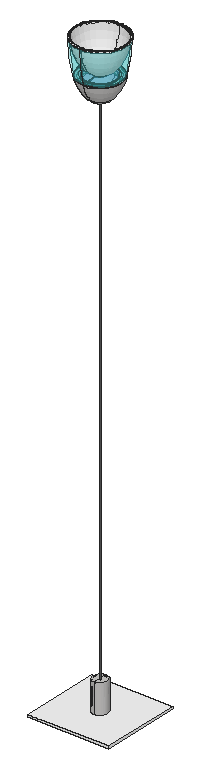
Revit family "BE_56566.2_de_DE", category Leuchten, Revit 2020
Family settings
  Basisbauteil = Fläche
  Bemaßung runder Anschluss = Durchmesser verwenden
  Teiletyp = Normal
  Beim Laden mit Abzugskörper schneiden = Ja
  Lichtquelle = Ja
  Gemeinsam genutzt = Nein
  Raumberechnungspunkt = Ja
Parameters (values of type "BEGA_56566.2_K3")
  built-in parameter 1150104 = 14.855 (stored number, unit not read)
  Wattage = 17.7 W
  Default Elevation = 0 mm
  built-in parameter 1150113 = 1 (stored number, unit not read)
  built-in parameter 1114218 = 1 (stored number, unit not read)
  Umgebungstemperatur = "25 °C"
  URL = "http://www.bega.de/de/produkt/56566.2"
  Typenkommentare = "© 2022 BEGA. Wir behalten uns das Recht vor, technische Änderungen ohne vorherige Ankündigung vorzunehmen."  # constant formula
  built-in parameter 1150134 = 12
  built-in parameter 1150109 = 1 (stored number, unit not read)
  Strom = ""
  built-in parameter 1150110 = 1 (stored number, unit not read)
  Spannung = 239.996 V
  Sonderanfertigung = no
  Seriennummer [instance] = "Hier können Sie die eindeutige Seriennummer für das Facility Management eintragen."
  Schutzklasse = "I"
  Schutzart = "IP 20"
  Scheinlast = 0 VA
  Produktdatenblatt = "http://www.bega.de/download/Xrfa/db/56566.2.db.de.pdf"
  Oberflächentemperatur = ""
  Neigungswinkel = 0.00°
  Model = "56566.2K4"
  Material_18 = BEGA_Gummi_schwarz
  Material_17 = BEGA_Reflektor
  Material_15 = BEGA_Leuchtmedium_matt
  Material_11 = BEGA_Glas_opal
  Material_10 = BEGA_Glas_matt
  Material_09 = BEGA_Glas_klar
  Material_06 = BEGA_Oberfläche_Edelstahl_gebürstet
  Material_05 = BEGA_Oberfläche_Aluminium Guss
  Material_03 = BEGA_Oberfläche_Weiss_matt
  Material_02 = BEGA_Oberfläche_Silber_matt
  Material_01 [instance] = BEGA_Oberfläche_Grafit_matt
  M_W = no
  M_G = no
  M_A = no
  Logo = 0
  built-in parameter 1114217 = 1 (stored number, unit not read)
  built-in parameter 1150139 = (empty or 0)
  built-in parameter 1150105 = 225.22 (stored number, unit not read)
  built-in parameter 1150114 = 1 (stored number, unit not read)
  Lumens = 2830.23 lm
  built-in parameter 1150115 = 1 (stored number, unit not read)
  Leuchtenlichtstrom = "2062 lm"
  Leuchtenanzahl = ""
  Lebensdauerkriterien = "L70B50 @ 25 °C = 500000 h"
  Lastklassifizierung = Beleuchtung
  built-in parameter 1150112 = 1 (stored number, unit not read)
  Lampenlichtstrom = "2830 lm"
  Lampe = "LED 17.7 W"
  LED_Modulbezeichnung = "LED-0327/940"
  Hersteller = "BEGA"  # constant formula
  Halbstreuwinkel = ""
  Gewicht = "3.6 kg"
  Gebrauchslageneinschränkung [instance] = ""
  Frequenz = "0/50-60 Hz"
  Farbwiedergabeindex = "CRI > 90"
  Farbtemperaturverschiebung bei Dämpfen der Lampe = <Keine Auswahl>
  Farbtemperatur = "4000 K"
  Color Filter = 16777215
  built-in parameter 1150133 = 10 (stored number, unit not read)
  Energieeffizienzklasse = "LED A++ - A"
  built-in parameter 1150137 = (empty or 0)
  built-in parameter 1150132 = (empty or 0)
  ENEC = "ja"
  Dimmbar [instance] = "DALI"
  Photometric Web File = "BE_56566.2K4.IES"
  CE_Konformität = "ja"
  Bestellnummer = "56566.2K4"
  Beschreibung_Sonderanfertigung = "Hier können Sie Informationen zur Sonderanfertigung eintragen."
  Beschreibung = "Pendelleuchte"
  built-in parameter 1150106 = 2.2522 (stored number, unit not read)
  Befestigungsbohrung = ""
  Befestigungsabstand = ""
  Ballwurfsicher = ""
  BEGA_Intern_aus = yes
  BEGA_Intern_an = yes
  BEGA_Intern_Konstruktion = yes
  BEGA_Intern = yes
  BEGA_IES = yes
  BEGA_Dummy = no
  Anschlussleitung = ""
  Anschlussleistung [instance] = "20 W"
  Anschlusskasten = ""
  built-in parameter 1150107 = 4000 (stored number, unit not read)
  built-in parameter 1150102 = (empty or 0)
  built-in parameter 1150138 = (empty or 0)
  Aktualisierung = "2019-07-09T04:00:12"
  Abstand_zur_angestrahlten_Fläche [instance] = ""
  AC/DC = "AC/DC"
Reference planes
  plane 1 "Mitte (Vorne/Hinten)": y = 0
  plane 2: z = 0
  plane 3 "Mitte (Links/Rechts)": x = 0
  plane 4 "Links": x = -128
  plane 5 "Rechts": x = 128
  plane 6 "Unten": y = -128
  plane 7 "Oben": y = 128
  plane 8 "Vorne": z = 3000
  plane 9 "Hinten": z = 0
Forms (mm)
  Extrusion 1, solid, material "BEGA_Platte_Weiss"
    sketch origin (0, -1119.2, 0) x (1, 0, 0) y (0, 1, 0)
      loop
        line (-200, 1319.2) -> (-200, 919.2) -> (200, 919.2) -> (200, 1319.2) -> (-200, 1319.2)
    from 0 to -10
  Extrusion 2, solid, material "BEGA_Dummy_matt", visible <- "BEGA_Dummy"
    sketch origin (77.149, -76.023, 0) x (1, 0, 0) y (0, 1, 0)
      loop
        circle (-77.149, 76.023) r 128
    from 0 to 2999.018
Dimensions and locks
  plane 1 "Mitte (Vorne/Hinten)" to Extrusion 1 = 200 mm
  aligned and locked: plane 2 to Extrusion 1
  aligned and locked: level to Extrusion 1
Nested families
  nested 1: "BE_56566.2" at (0, 0, 0), type "BE_56566.2"
Connectors
  electrical at (0, 0, 0), driven by "Lastklassifizierung", driven by "Spannung", driven by "Scheinlast"
    settings: index 1, voltage 239.996 V, apparent load 0 VA, apparent load phase1 0 VA, apparent load phase2 0 VA, apparent load phase3 0 VA, power factor 1, load classification "Beleuchtung", number of poles 1, system type 31, power factor state 1, is connector primary yes, connector utility no, sub classification motor no, connector description ""
Definition of nested family "BE_56566.2"
  Parameters (values of type "BE_56566.2")
    Default Elevation = 1 mm
    URL = "http://www.bega.de/de/produkt"
    Type Comments = "© 2015 BEGA. Wir behalten uns das Recht vor, technische Änderungen ohne vorherige Ankündigung vorzunehmen. "  # constant formula
    Type Image = (empty or 0)
    Neigungswinkel_um_Z2 = 0.00°
    Neigungswinkel_um_Z1 = 0.00°
    Neigungswinkel_um_Y2 = 0.00°
    Neigungswinkel_um_Y1 = 0.00°
    Neigungswinkel_um_X2 = 0.00°
    Neigungswinkel_um_X1 = 0.00°
    Material_18 = none
    Material_17 = none
    Material_15 = none
    Material_11 = none
    Material_10 = none
    Material_09 = none
    Material_06 = none
    Material_05 = none
    Material_03 = none
    Material_02 = none
    Material_01 = none
    M_W = yes
    M_G = yes
    M_A = yes
    Länge_Platte = 300 mm  # constant formula
    Höhe_Platte = -10 mm  # constant formula
    Manufacturer = "BEGA"  # constant formula
    Drehwinkel_um_Z2 = 0.00°
    Drehwinkel_um_Z1 = 0.00°
    Breite_Platte = 300 mm  # constant formula
  Reference planes
    plane 1 "Mitte (Oben/Unten)": y = 0
    plane 2: z = 0
    plane 3 "Mitte (Links/Rechts)": x = 0
    plane 4: z = 3000
    plane 5: y = -128
    plane 6: y = 128
    plane 7: x = -128
    plane 8: x = 128
  Forms (mm)
    Extrusion 1, solid, detail levels medium
      sketch origin (0, 0, 0) x (1, 0, 0) y (0, 1, 0)
        loop
          line (-150, 150) -> (-150, -150) -> (150, -150) -> (150, 150) -> (-150, 150)
      from 0 to -10 <- "Höhe_Platte"
    Revolve 2, solid, material <- "Material_06", detail levels medium+fine
      sketch origin (0, 0, 0) x (0, 1, 0) y (0, 0, 1)
        loop
          line (-36.248, 0.5) -> (-34, 0.5) -> (-34, 2.676) -> (-32.481, 2.729) -> (-31.3, 138.025)
          arc (-31.3, 138.025) -> (-30.705, 139.423) -> (-29.3, 140) r 2
          line (-29.3, 140) -> (0, 140) -> (0, 143.501)
          arc (0, 143.501) -> (-17.512, 143.245) -> (-35.009, 142.479) r 600
          line (-35.009, 142.479) -> (-36.248, 0.5)
        axis (0, 0.5) -> (0, 143.501)
      angle from 0 to 360
    Revolve 3, solid, material <- "Material_05", detail levels medium+fine
      sketch origin (0, 0, 0) x (0, 1, 0) y (0, 0, 1)
        loop
          line (-32.14, 2) -> (-32.175, 1) -> (-33.765, 1) -> (-33.8, 0) -> (0, 0) -> (0, 2) -> (-32.14, 2)
        axis (0, 0) -> (0, 2)
      angle from 0 to 360
    Extrusion 4, void
      sketch origin (0, 0, 0) x (1, 0, 0) y (0, 1, 0)
        loop
          arc (-9.887, 12.652) -> (-16.053, -0.003) -> (-9.876, -12.652) r 16.053
          line (-9.876, -12.652) -> (9.484, -12.652)
          arc (9.484, -12.652) -> (15.815, -0.003) -> (9.495, 12.652) r 15.815
          line (9.495, 12.652) -> (-9.887, 12.652)
        loop
          circle (-0.016, 25) r 2.25
        loop
          circle (-0.016, -25) r 2.25
      from 0 to 3.541
    Revolve 5, solid, material <- "Material_03", detail levels medium+fine
      sketch origin (0, 0, 0) x (0, 1, 0) y (0, 0, 1)
        loop
          line (-30.9, 2836) -> (-30.9, 2841.321)
          arc (-30.9, 2841.321) -> (-31.071, 2841.881) -> (-31.527, 2842.249) r 1
          spline (-31.527, 2842.249) -> (-43.213, 2847.91) -> (-54.427, 2855.306) -> (-65.049, 2864.357) -> (-74.96, 2874.962) -> (-84.055, 2887.008) -> (-92.233, 2900.361) -> (-99.405, 2914.878) -> (-105.493, 2930.399) -> (-110.431, 2946.755) -> (-114.165, 2963.768) -> (-116.654, 2981.253) -> (-117.871, 2999.018)
          arc (-117.871, 2999.018) -> (-118.17, 2999.713) -> (-118.871, 3000) r 1
          line (-118.871, 3000) -> (-127, 3000)
          arc (-127, 3000) -> (-127.707, 2999.707) -> (-128, 2999) r 1
          line (-128, 2999) -> (-128, 2997) -> (-127, 2997) -> (-127, 2999) -> (-118.871, 2999)
          spline (-118.871, 2999) -> (-117.692, 2981.21) -> (-115.239, 2963.696) -> (-111.544, 2946.647) -> (-106.638, 2930.253) -> (-100.569, 2914.689) -> (-93.413, 2900.117) -> (-85.246, 2886.696) -> (-76.146, 2874.582) -> (-66.213, 2863.903) -> (-55.553, 2854.778) -> (-44.281, 2847.307) -> (-32.521, 2841.573)
          arc (-32.521, 2841.573) -> (-32.07, 2841.206) -> (-31.9, 2840.649) r 1
          line (-31.9, 2840.649) -> (-31.9, 2836) -> (-30.9, 2836)
        axis (0, 2836) -> (0, 3000)
      angle from 0 to 360
    Revolve 6, solid, material <- "Material_09", detail levels medium+fine
      sketch origin (0, 0, 0) x (0, 1, 0) y (0, 0, 1)
        loop
          arc (-126.921, 2999.061) -> (-120.726, 2912.11) -> (-105.219, 2826.329) r 809.653
          line (-105.219, 2826.329) -> (-89.395, 2825.5) -> (-84, 2798.5) -> (-77.5, 2798.5) -> (-77.5, 2823.246)
          arc (-77.5, 2823.246) -> (-79.434, 2828.071) -> (-84.161, 2830.233) r 7
          line (-84.161, 2830.233) -> (-101.224, 2831.127)
          arc (-101.224, 2831.127) -> (-102.435, 2831.604) -> (-103.114, 2832.715) r 2.049
          arc (-103.114, 2832.715) -> (-117.601, 2915.359) -> (-123.42, 2999.061) r 806.153
          line (-123.42, 2999.061) -> (-126.921, 2999.061)
        axis (0, 2798.5) -> (0, 2999.061)
      angle from 0 to 360
    Revolve 7, solid, material <- "Material_06", detail levels medium+fine
      sketch origin (0, 0, 0) x (0, 1, 0) y (0, 0, 1)
        loop
          line (-3.7, 2712.069) -> (0, 2712.069) -> (0, 2715.881)
          arc (0, 2715.881) -> (-32.242, 2723.778) -> (-58.476, 2744.117) r 79.749
          arc (-58.476, 2744.117) -> (-84.146, 2782.487) -> (-100.65, 2825.6) r 206.504
          line (-100.65, 2825.6) -> (-104.78, 2825.6)
          arc (-104.78, 2825.6) -> (-87.936, 2781.108) -> (-61.532, 2741.535) r 210.504
          arc (-61.532, 2741.535) -> (-35.586, 2720.972) -> (-3.7, 2712.069) r 83.749
        axis (0, 2712.069) -> (0, 2825.6)
      angle from 0 to 360
    Revolve 8, solid, material <- "Material_18", detail levels medium+fine
      sketch origin (0, 0, 0) x (0, 1, 0) y (0, 0, 1)
        loop
          line (-2.51, 118.995) -> (0, 118.995) -> (0, 2746.921) -> (-2.51, 2746.921) -> (-2.51, 118.995)
        axis (0, 2746.921) -> (0, 118.995)
      angle from 0 to 360
    Revolve 9, solid, material <- "Material_10", detail levels medium+fine
      sketch origin (0, 0, 0) x (0, 1, 0) y (0, 0, 1)
        loop
          line (0, 2836.014) -> (0, 2851.013)
          arc (0, 2851.013) -> (-15.11, 2849.171) -> (-29.334, 2843.75) r 62.86
          arc (-29.334, 2843.75) -> (-30.098, 2843.055) -> (-30.413, 2842.071) r 2
          line (-30.413, 2842.071) -> (-30.705, 2836.491)
          arc (-30.705, 2836.491) -> (-30.975, 2835.855) -> (-31.594, 2835.546) r 1
          line (-31.594, 2835.546) -> (-76.548, 2830.821) -> (-77, 2822.2) -> (-72.994, 2822.2) -> (-72.732, 2827.2) -> (-27.778, 2831.925)
          arc (-27.778, 2831.925) -> (-27.162, 2832.232) -> (-26.89, 2832.864) r 1
          line (-26.89, 2832.864) -> (-26.774, 2835.067)
          arc (-26.774, 2835.067) -> (-26.464, 2835.739) -> (-25.776, 2836.014) r 1
          line (-25.776, 2836.014) -> (0, 2836.014)
        axis (0, 2851.013) -> (0, 2822.2)
      angle from 0 to 360
  Cuts and joins
    Extrusion 4 cuts Revolve 3
  Dimensions and locks
    equal spacing: Extrusion 1 sketch curve, plane 3 "Mitte (Links/Rechts)", Extrusion 1 sketch curve
    equal spacing: Extrusion 1 sketch curve, plane 1 "Mitte (Oben/Unten)", Extrusion 1 sketch curve
    "Länge_Platte": Extrusion 1 sketch curve to Extrusion 1 sketch curve
    "Breite_Platte": Extrusion 1 sketch curve to Extrusion 1 sketch curve
    aligned and locked: Extrusion 1 to plane 2
    aligned and locked: level to Extrusion 1
  Automatic sketch dimensions
    Revolve 3 sketch curve to plane 1 "Mitte (Oben/Unten)" = 0 mm  (x2)
    Revolve 3 sketch curve to level = 0 mm  (x2)
    plane 1 "Mitte (Oben/Unten)" to Revolve 3 sketch curve = 32.14 mm
    Revolve 3 sketch curve to Revolve 3 sketch curve = 2.125 mm
    Revolve 3 sketch curve to Revolve 3 sketch curve = 0.035 mm  (x2)
    Revolve 3 sketch curve to Revolve 3 sketch curve = 1.59 mm
    level to Revolve 3 sketch curve = 1 mm
    Revolve 3 sketch curve to Revolve 3 sketch curve = 2 mm
    Extrusion 4 sketch curve to Extrusion 4 sketch curve = 0 mm  (x2)
    Extrusion 4 sketch curve to plane 3 "Mitte (Links/Rechts)" = 0 mm
    Extrusion 4 sketch curve to plane 3 "Mitte (Links/Rechts)" = 0.016 mm  (x2)
    Extrusion 4 sketch curve to plane 3 "Mitte (Links/Rechts)" = 9.876 mm
    Extrusion 4 sketch curve to plane 3 "Mitte (Links/Rechts)" = 9.887 mm
    plane 3 "Mitte (Links/Rechts)" to Extrusion 4 sketch curve = 9.484 mm
    plane 1 "Mitte (Oben/Unten)" to Extrusion 4 sketch curve = 25 mm
    Extrusion 4 sketch curve to plane 1 "Mitte (Oben/Unten)" = 0.004 mm
    Extrusion 4 sketch curve to Extrusion 4 sketch curve = 12.348 mm
    plane 1 "Mitte (Oben/Unten)" to Extrusion 4 sketch curve = 12.652 mm
    Revolve 2 sketch curve to plane 1 "Mitte (Oben/Unten)" = 0 mm  (x2)
    plane 1 "Mitte (Oben/Unten)" to Revolve 2 sketch curve = 29.3 mm
    Revolve 2 sketch curve to Revolve 2 sketch curve = 2 mm
    level to Revolve 2 sketch curve = 2.729 mm
    plane 1 "Mitte (Oben/Unten)" to Revolve 2 sketch curve = 32.481 mm
    Revolve 2 sketch curve to Revolve 2 sketch curve = 1.52 mm
    Revolve 2 sketch curve to Revolve 2 sketch curve = 3.709 mm
    level to Revolve 2 sketch curve = 0.5 mm
    Revolve 2 sketch curve to Revolve 2 sketch curve = 2.248 mm
    Revolve 2 sketch curve to level = 456.499 mm
    Revolve 2 sketch curve to Revolve 2 sketch curve = 0.053 mm
    Revolve 2 sketch curve to Revolve 2 sketch curve = 135.271 mm
    Revolve 2 sketch curve to Revolve 2 sketch curve = 0.025 mm
    Revolve 2 sketch curve to Revolve 2 sketch curve = 0 mm  (x4)
    Revolve 2 sketch curve to Revolve 2 sketch curve = 4.454 mm
    Revolve 2 sketch curve to Revolve 2 sketch curve = 46.562 mm
    Revolve 8 sketch curve to plane 1 "Mitte (Oben/Unten)" = 0 mm  (x2)
    Revolve 8 sketch curve to Revolve 8 sketch curve = 2.51 mm
    level to Revolve 8 sketch curve = 118.995 mm
    Revolve 8 sketch curve to Revolve 8 sketch curve = 50 mm
    Revolve 8 sketch curve to Revolve 8 sketch curve = 1452.926 mm
    Revolve 7 sketch curve to Revolve 7 sketch curve = 0 mm  (x6)
    Revolve 7 sketch curve to plane 1 "Mitte (Oben/Unten)" = 0 mm  (x2)
    plane 1 "Mitte (Oben/Unten)" to Revolve 7 sketch curve = 3.7 mm
    Revolve 7 sketch curve to Revolve 7 sketch curve = 4.13 mm
    Revolve 7 sketch curve to plane 1 "Mitte (Oben/Unten)" = 2.435 mm
    Revolve 7 sketch curve to Revolve 7 sketch curve = 3.812 mm
    Revolve 7 sketch curve to Revolve 7 sketch curve = 79.711 mm
    Revolve 7 sketch curve to Revolve 7 sketch curve = 30.008 mm
    Revolve 7 sketch curve to Revolve 7 sketch curve = 81.816 mm
    Revolve 7 sketch curve to Revolve 7 sketch curve = 26.188 mm
    Revolve 6 sketch curve to Revolve 6 sketch curve = 0 mm  (x4)
    Revolve 6 sketch curve to plane 1 "Mitte (Oben/Unten)" = 0 mm
    Revolve 6 sketch curve to Revolve 6 sketch curve = 6.5 mm
    Revolve 6 sketch curve to Revolve 6 sketch curve = 6.661 mm
    Revolve 6 sketch curve to Revolve 6 sketch curve = 0.339 mm
    Revolve 6 sketch curve to Revolve 6 sketch curve = 4.895 mm
    Revolve 6 sketch curve to Revolve 6 sketch curve = 0.107 mm
    Revolve 6 sketch curve to Revolve 6 sketch curve = 3.995 mm
    Revolve 6 sketch curve to Revolve 6 sketch curve = 3.501 mm
    Revolve 6 sketch curve to Revolve 6 sketch curve = 24.741 mm
    Revolve 6 sketch curve to Revolve 6 sketch curve = 0.005 mm
    Revolve 6 sketch curve to Revolve 6 sketch curve = 2.259 mm
    Revolve 6 sketch curve to Revolve 6 sketch curve = 0.829 mm
    Revolve 6 sketch curve to Revolve 6 sketch curve = 4.798 mm
    Revolve 6 sketch curve to Revolve 6 sketch curve = 2.047 mm
    Revolve 6 sketch curve to Revolve 6 sketch curve = 165.887 mm
    Revolve 6 sketch curve to Revolve 6 sketch curve = 11.255 mm
    Revolve 6 sketch curve to Revolve 6 sketch curve = 40 mm
    Revolve 9 sketch curve to plane 1 "Mitte (Oben/Unten)" = 0 mm  (x2)
    Revolve 9 sketch curve to Revolve 9 sketch curve = 8.164 mm
    Revolve 9 sketch curve to Revolve 9 sketch curve = 2.431 mm
    plane 1 "Mitte (Oben/Unten)" to Revolve 9 sketch curve = 0.001 mm
    Revolve 9 sketch curve to Revolve 9 sketch curve = 47.861 mm
    plane 1 "Mitte (Oben/Unten)" to Revolve 9 sketch curve = 29.334 mm
    Revolve 9 sketch curve to Revolve 9 sketch curve = 0.919 mm
    Revolve 9 sketch curve to Revolve 9 sketch curve = 1.776 mm
    Revolve 9 sketch curve to Revolve 9 sketch curve = 1.078 mm
    Revolve 9 sketch curve to Revolve 9 sketch curve = 2.639 mm
    Revolve 9 sketch curve to Revolve 9 sketch curve = 4.406 mm
    Revolve 9 sketch curve to Revolve 9 sketch curve = 4.929 mm
    Revolve 9 sketch curve to Revolve 9 sketch curve = 0.477 mm
    Revolve 9 sketch curve to Revolve 9 sketch curve = 1 mm
    Revolve 9 sketch curve to Revolve 9 sketch curve = 0.999 mm  (x3)
    Revolve 9 sketch curve to Revolve 9 sketch curve = 0.115 mm
    Revolve 9 sketch curve to Revolve 9 sketch curve = 2.203 mm
    Revolve 9 sketch curve to Revolve 9 sketch curve = 0.055 mm
    Revolve 9 sketch curve to Revolve 9 sketch curve = 0.111 mm
    Revolve 9 sketch curve to Revolve 9 sketch curve = 0.049 mm
    Revolve 9 sketch curve to Revolve 9 sketch curve = 0.11 mm
    Revolve 9 sketch curve to Revolve 9 sketch curve = 3.816 mm
    Revolve 9 sketch curve to Revolve 9 sketch curve = 3.621 mm
    Revolve 9 sketch curve to Revolve 9 sketch curve = 4.268 mm
    Revolve 9 sketch curve to Revolve 9 sketch curve = 4.005 mm
    Revolve 9 sketch curve to Revolve 9 sketch curve = 5 mm
    Revolve 9 sketch curve to Revolve 9 sketch curve = 13.346 mm
    Revolve 5 sketch curve to plane 1 "Mitte (Oben/Unten)" = 0 mm  (x2)
    plane 1 "Mitte (Oben/Unten)" to Revolve 5 sketch curve = 30.9 mm
    Revolve 5 sketch curve to Revolve 5 sketch curve = 1 mm  (x4)
    Revolve 5 sketch curve to Revolve 5 sketch curve = 0.621 mm
    Revolve 5 sketch curve to Revolve 5 sketch curve = 0.379 mm
    Revolve 5 sketch curve to Revolve 5 sketch curve = 0 mm  (x4)
    Revolve 5 sketch curve to Revolve 5 sketch curve = 8.129 mm
    Revolve 5 sketch curve to Revolve 5 sketch curve = 4.648 mm
    Revolve 5 sketch curve to Revolve 5 sketch curve = 0.001 mm
    Revolve 5 sketch curve to Revolve 5 sketch curve = 0.671 mm
    Revolve 5 sketch curve to Revolve 5 sketch curve = 157.427 mm
    Revolve 5 sketch curve to Revolve 5 sketch curve = 0.373 mm
    Revolve 5 sketch curve to Revolve 5 sketch curve = 19.168 mm
    Revolve 5 sketch curve to Revolve 5 sketch curve = 66.252 mm
    Revolve 5 sketch curve to Revolve 5 sketch curve = 2 mm
    Revolve 5 sketch curve to Revolve 5 sketch curve = 80.259 mm
    level to Revolve 5 sketch curve = 2836 mm
    level to Revolve 6 sketch curve = 2798.5 mm
    level to Revolve 7 sketch curve = 2712.069 mm
    Revolve 8 sketch curve to Revolve 8 sketch curve = 2627.926 mm
    level to Revolve 9 sketch curve = 2788.153 mm
    Revolve 5 sketch curve to plane 5 = 0 mm
    plane 5 to Revolve 6 sketch curve = 50.5 mm
    Revolve 6 sketch curve to Revolve 6 sketch curve = 11.722 mm
    plane 5 to Revolve 6 sketch curve = 4.58 mm
    plane 5 to Revolve 7 sketch curve = 27.35 mm
    Revolve 9 sketch curve to Revolve 9 sketch curve = 41.139 mm
    plane 4 to Revolve 6 sketch curve = 13.04 mm
    plane 6 to Revolve 7 sketch curve = 28.751 mm
    radius of Extrusion 4 sketch curve = 2.25 mm  (x2)
